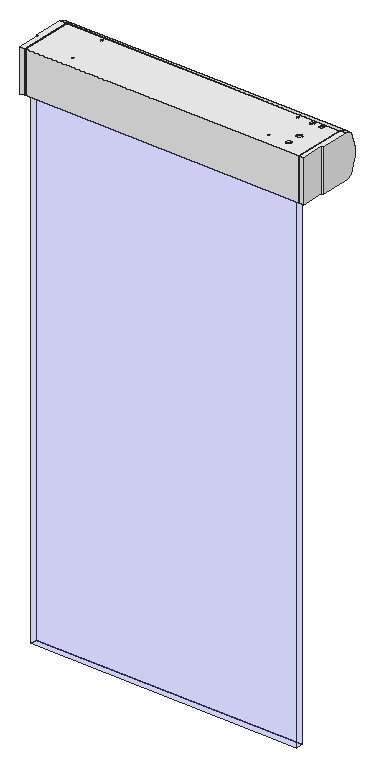
Revit family "Thermoscreens_AirCurtain_T1500NT", category Mechanical Equipment, Revit 2015
Parameters (values of type "T1500W NT")
  Weight(kg) = "40"
  WaterContent = "n/a"
  WarrantyStartDate(default) = "date of unit sale"
  WarrantyGuarantorParts = "2 years"
  WarrantyGuarantorLabour = "2 years"
  WarrantyDurationParts = "2years"
  WarrantyDurationLabour = "2 years"
  WarrantyDescription = "unit fully covered for 2 years"
  Version = "1.0"
  UsageCurrent = "1.5"
  UnitWidth = 233.4 mm
  UnitLength = 1669 mm
  Uniclass = "G52HVAC"
  URL = "http://www.thermoscreens.com/"
  Type Comments = "n/a"
  TubingLength = "n/a"
  ThermalMassHeatCapacity = "n/a"
  ThermalEfficiency = "n/a"
  TemperatureClassification = "n/a"
  TagNumberDefault = "n/a"
  SustainabilityPerformance = "n/a"
  Supply(50Hz) = "230V~1P&N"
  Status = "new"
  Size = "1137 x 198 x 275"
  Shape = "n/a"
  ServiceLifeType = "full cover for 2 years"
  ServiceLifeDuration = "full cover for 2 years"
  SerialNumber(default) = "n/a"
  RightHandAssembly = yes
  ReplacementCost = "n/a"
  ReferenceStandard = "n/a"
  Reference = "n/a"
  RatedVoltage = "230v1phase+N"
  RatedCurrent = "1.5"
  ProductionYear = "2015"
  Product URL = "http://www.thermoscreens.com/our-product-range/t-range"
  Process = "n/a"
  PowerFactor = "n/a"
  PlacementType = "n/a"
  PhaseReference = "L1 L2 L3+N+E"
  PhaseAngle = "n/a"
  OutputCapacity = "n/a"
  NumberOfSections = "n/a"
  NumberOfPoles = "n/a"
  NumberOfPanels = "n/a"
  NominalWidth = "198mm"
  NominalVoltage = "n/a"
  NominalLenght = "1669mm"
  NominalHeight = "275mm"
  NominalFrequencyRange = "n/a"
  NominalCurrent = "+5% of 230v"
  NBSTypeID = "n/a"
  NBSReference = "n/a"
  NBSNote = "n/a"
  NBSDecription = "AirCurtain"
  MountingHeight = "3m max"
  ModelReference = "T1500W NT"
  ModelLable = "n/a"
  Model = "T1500W NT"
  MinToMaxOffsetFromFloor = "up to 3meters"
  MethodOfMeasurement = "mm"
  Max.Velocity(m/s) = "7.8"
  Max.AirVolume(m3/h) = "1825"
  MaxOfSet = 115.5 mm
  Material = "20 gauge sheet steel"
  Manufacturer = "Thermoscreens LTD"
  ManufactureURL = "http://www.thermoscreens.com/"
  Loading(A)*PerPhase = "1.5"
  LifeCyclePhase = "n/a"
  Keynote = "n/a"
  IssueDate = "30/03/2015"
  InsulationStandardClass = "n/a"
  InsatallationDate = "n/a"
  IfcExportType = "n/a"
  IfcExportAS = "n/a"
  IP_Code = "IP21"
  Help = "http://www.thermoscreens.com/contact-us"
  HeatTransferMedium = "n/a"
  HeatTransferDimension = "n/a"
  HeatSource = "Electric heated elements or low pressure hot water coils"
  HeatOutput(kW) = "n/a"
  HasProtectiveEarth = "true"
  Grade = "n/a"
  Finish = "Corrision resistant pre-finished 20 gauge sheet steel"
  Filters(optional) = "PS media"
  Features = "n/a"
  Fans = "100mm forward curved metal bladed crossflow impellers"
  EnergySource = "n/a"
  ElectricalDeviceNominalPower = "n/a"
  Documentation = "n/a"
  DocumentReference = "n/a"
  Description = "Thermoscreens T range of air curtains will provide climate separation and available in standard widths of 1, 1.5 and 2m.  Models available are ambient (without heating), electrical or water heated versions. Water heated (LPHW) versions are available with 2 and 3 row coils. Motorised three port valves are supplied as standard with all LPHW models. Electrical and LPHW models are supplied complete with Ecopower control."
  Cost = 0
  Constituents = "n/a"
  colour = "As standered white but this can be changed to the ordered color."
  CodePerformance = "n/a"
  CenterY = UnitWidth / 2  # 116.7 mm
  CenterX = UnitLength / 2  # 834.5 mm
  BimObjectName = "Thermoscreens_AirCurtain_T1500WNT"
  BarCode(default) = "n/a"
  AssetIdentifier(default) = "n/a"
  Assembly Code = "n/a"
  AirFlowDirection = yes
  AirFlow = no
  AccessibilityPerformance = "n/a"
  **dB(A)@3mMed = "56"
  **dB(A)@3mLow = "55"
  **dB(A)@3mHigh = "57"
Types (4, lengths in mm): name | UsageCurrent | Supply(50Hz) | RatedVoltage | RatedCurrent | NominalCurrent | ModelReference | Model | Max.Velocity(m/s) | Max.AirVolume(m3/h) | Loading(A)*PerPhase | BimObjectName
  (no name) | "1.5" | "230V~1P&N" | "230v1phase+N" | "1.5" | "+5% of 230v" | "T1500W NT" | "T1500W NT" | "7.8" | "1825" | "1.5" | "Thermoscreens_AirCurtain_T1500WNT"
  T1500A NT | "1.5" | "230V~1P&N" | "230v1phase+N" | "1.5" | "+5% of 230v" | "T1500A NT" | "T1500A NT" | "8" | "1925" | "1.5" | "Thermoscreens_AirCurtain_T1500ANT"
  T1500W NT | "1.5" | "230V~1P&N" | "230v1phase+N" | "1.5" | "+5% of 230v" | "T1500W NT" | "T1500W NT" | "7.8" | "1825" | "1.5" | "Thermoscreens_AirCurtain_T1500WNT"
  T1500E NT | "18.9" | "400V~3P&N" | "400v3phase+N" | "18.9" | "+5% of 400v" | "T1500E NT" | "T1500E NT" | "8.0" | "1925" | "18.9" | "Thermoscreens_AirCurtain_T1500ENT"
Reference planes
  plane 1 "Center (Front/Back)": y = 0
  plane 2: z = 3000
  plane 3 "Center (Left/Right)": x = 0
Forms (mm)
  Extrusion 1, solid, material "Default"
    sketch origin (867.85, -116.7, 3018.975) x (-1, 0, 0) y (0, 0, -1)
      loop
        line (0, -255) -> (1669, -255) -> (1669, 0) -> (0, 0) -> (0, -255)
    from 0 to 0.9
  Extrusion 2, solid, material "Default"
    sketch origin (868.823, -116.7, 3273.975) x (-1, 0, 0) y (0, -1, 0)
      loop
        line (1669.973, 0.9) -> (0.973, 0.9) -> (0.973, -316.1) -> (1669.973, -316.1) -> (1669.973, 0.9)
    from 0 to -0.9
  Extrusion 3, solid, material "Default"
    sketch origin (867.85, -116.7, 3018.975) x (0, 0, 1) y (0, -1, 0)
      loop
        line (255, 0.9) -> (0, 0.9) -> (0, -316.1) -> (255, -316.1) -> (255, 0.9)
    from 0 to -0.9
  Extrusion 4, solid, material "Default"
    sketch origin (-801.15, -124.7, 3018.975) x (0, -1, 0) y (-1, 0, 0)
      loop
        line (-7.1, -1669) -> (-7.1, 0) -> (-324.1, 0) -> (-324.1, -1669) -> (-7.1, -1669)
    from 0 to -0.9
  Extrusion 5, solid, material "Default"
    sketch origin (-801.15, -185.6, 3018.975) x (0, 1, 0) y (0, 0, -1)
      loop
        line (68, 0) -> (68, -255) -> (385, -255) -> (385, 0) -> (68, 0)
    from 0 to -0.9
  Extrusion 6, solid, material "Default"
    sketch origin (-801.15, -125.6, 3018.975) x (0, 1, 0) y (0, 0, -1)
      loop
        line (325, -255) -> (357.675, -242.457)
        arc (357.675, -242.457) -> (385, -127.175) -> (357.675, -11.893) r 256.847
        line (357.675, -11.893) -> (325, 0) -> (325, -255)
    from 0 to -1669
  Extrusion 7, void
    sketch origin (-801.15, -124.7, 3018.975) x (0, -1, 0) y (1, 0, 0)
      loop
        line (-22.1, 25) -> (-22.1, 1649) -> (-62.1, 1649) -> (-62.1, 25) -> (-22.1, 25)
    from 0 to 5
  Extrusion 8, solid, material "Default Light Source"
    sketch origin (-801.15, -124.7, 3018.975) x (1, 0, 0) y (0, -1, 0)
      loop
        line (1649, -62.1) -> (1649, -22.1) -> (25, -22.1) -> (25, -62.1) -> (1649, -62.1)
    from 0 to 3000
  Extrusion 9, solid, material "Default"
    sketch origin (-801.15, -125.6, 3018.975) x (0, 1, 0) y (0, 0, -1)
      loop
        arc (357.675, -242.457) -> (385, -127.175) -> (357.675, -11.893) r 256.847
        line (357.675, -11.893) -> (325, 0) -> (8, 0) -> (8, -255) -> (325, -255) -> (357.675, -242.457)
    from 0 to 30
  Extrusion 10, solid, material "Default"
    sketch origin (-831.15, -125.6, 3018.975) x (0, 1, 0) y (0, 0, -1)
      loop
        line (325, -255) -> (357.675, -242.457)
        arc (357.675, -242.457) -> (385, -127.175) -> (357.675, -11.893) r 256.847
        line (357.675, -11.893) -> (325, 0) -> (138, 0) -> (138, -255) -> (325, -255)
    from 0 to 10
  Extrusion 11, void
    sketch origin (-831.15, 12.4, 3018.975) x (0, -1, 0) y (1, 0, 0)
      loop
        line (0, 0) -> (-10, -10) -> (0, -10) -> (0, 0)
    from 0 to 300
  Extrusion 12, solid, material "Default"
    sketch origin (867.85, 251.4, 3018.975) x (0, -1, 0) y (0, 0, -1)
      loop
        line (52, -255) -> (369, -255) -> (369, 0) -> (52, 0) -> (19.325, -11.893)
        arc (19.325, -11.893) -> (-8, -127.175) -> (19.325, -242.457) r 256.847
        line (19.325, -242.457) -> (52, -255)
    from 0 to 30
  Extrusion 13, solid, material "Default"
    sketch origin (897.85, 251.4, 3018.975) x (0, -1, 0) y (0, 0, -1)
      loop
        line (239, -255) -> (239, 0) -> (52, 0) -> (19.325, -11.893)
        arc (19.325, -11.893) -> (-8, -127.175) -> (19.325, -242.457) r 256.847
        line (19.325, -242.457) -> (52, -255) -> (239, -255)
    from 0 to 10
  Extrusion 14, void
    sketch origin (897.85, 199.4, 3018.975) x (0, 1, 0) y (-1, 0, 0)
      loop
        line (-187, -10) -> (-177, -10) -> (-187, 0) -> (-187, -10)
    from 0 to 300
  Extrusion 15, void
    sketch origin (868.823, -116.7, 3273.975) x (0, -1, 0) y (-1, 0, 0)
      loop
        circle (-288.1, 1435.473) r 5
      loop
        circle (-68.1, 1435.473) r 5
      loop
        circle (-68.1, 235.473) r 5
      loop
        circle (-288.1, 235.473) r 5
      loop
        circle (-149.1, 116.973) r 15
      loop
        circle (-69.1, 116.973) r 15
      loop
        circle (-284.1, 146.973) r 12.5
      loop
        circle (-284.1, 86.973) r 12.5
    from 0 to 0.9
Cuts and joins
  Extrusion 15 cuts Extrusion 1
  Extrusion 15 cuts Extrusion 2
  Extrusion 15 cuts Extrusion 3
  Extrusion 7, Extrusion 15 cuts Extrusion 4
  Extrusion 15 cuts Extrusion 5
  joined: Extrusion 1, Extrusion 2, Extrusion 3, Extrusion 4, Extrusion 5
  Extrusion 11 cuts Extrusion 10
  joined: Extrusion 9, Extrusion 10
  Extrusion 14 cuts Extrusion 13
  joined: Extrusion 12, Extrusion 13
Dimensions and locks
  aligned and locked: level to plane 2
  aligned and locked: Extrusion 13 sketch curve to Extrusion 12
Connectors
  electrical at (721.85, 167.4, 3273.975)
    settings: on cut or joined group of Extrusion 1, Extrusion 2, Extrusion 3, Extrusion 4, Extrusion 5, Extrusion 7, Extrusion 15, index 1, voltage 0 V, apparent load 0 VA, apparent load phase1 0 VA, apparent load phase2 0 VA, apparent load phase3 0 VA, power factor 1, load classification "Other", number of poles 1, system type 31, power factor state 1, is connector primary yes, connector utility no, sub classification motor no, connector description ""
  electrical at (781.85, 167.4, 3273.975)
    settings: on cut or joined group of Extrusion 1, Extrusion 2, Extrusion 3, Extrusion 4, Extrusion 5, Extrusion 7, Extrusion 15, index 2, voltage 0 V, apparent load 0 VA, apparent load phase1 0 VA, apparent load phase2 0 VA, apparent load phase3 0 VA, power factor 1, load classification "Other", number of poles 1, system type 31, power factor state 1, is connector primary no, connector utility no, sub classification motor no, connector description ""
  piping at (751.85, 32.4, 3273.975), diameter 30
    settings: on cut or joined group of Extrusion 1, Extrusion 2, Extrusion 3, Extrusion 4, Extrusion 5, Extrusion 7, Extrusion 15, index 3, connector inside diameter 609.6 mm, connector length 0 mm, flow factor 0, pipe flow 0.0 L/s, pressure drop 0.0 Pa, fitting loss kfactor 0, connector angle 0.00°, fixture units 0, engagement length 0 mm, angle of deflection 0.00°, flow configuration 0, flow direction 1, fitting loss method 4, system type 19, joint type 0, gender type 0, connector reference index -1, connector utility 0, adjustable connector no, is connector primary yes, connector description ""
  piping at (751.85, -47.6, 3273.075), diameter 30
    settings: on cut or joined group of Extrusion 1, Extrusion 2, Extrusion 3, Extrusion 4, Extrusion 5, Extrusion 7, Extrusion 15, index 4, connector inside diameter 609.6 mm, connector length 0 mm, flow factor 0, pipe flow 0.0 L/s, pressure drop 0.0 Pa, fitting loss kfactor 0, connector angle 0.00°, fixture units 0, engagement length 0 mm, angle of deflection 0.00°, flow configuration 0, flow direction 2, fitting loss method 4, system type 19, joint type 0, gender type 0, connector reference index -1, connector utility 0, adjustable connector no, is connector primary no, connector description ""
  piping at (633.35, -48.6, 3273.975), diameter 10
    settings: on cut or joined group of Extrusion 1, Extrusion 2, Extrusion 3, Extrusion 4, Extrusion 5, Extrusion 7, Extrusion 15, index 7, connector inside diameter 609.6 mm, connector length 0 mm, flow factor 0, pipe flow 0.0 L/s, pressure drop 0.0 Pa, fitting loss kfactor 0, connector angle 0.00°, fixture units 0, engagement length 0 mm, angle of deflection 0.00°, flow configuration 0, flow direction 0, fitting loss method 0, system type 28, joint type 0, gender type 0, connector reference index -1, connector utility 0, adjustable connector no, is connector primary no, connector description ""
  piping at (633.35, 171.4, 3273.075), diameter 10
    settings: on cut or joined group of Extrusion 1, Extrusion 2, Extrusion 3, Extrusion 4, Extrusion 5, Extrusion 7, Extrusion 15, index 8, connector inside diameter 609.6 mm, connector length 0 mm, flow factor 0, pipe flow 0.0 L/s, pressure drop 0.0 Pa, fitting loss kfactor 0, connector angle 0.00°, fixture units 0, engagement length 0 mm, angle of deflection 0.00°, flow configuration 0, flow direction 0, fitting loss method 0, system type 28, joint type 0, gender type 0, connector reference index -1, connector utility 0, adjustable connector no, is connector primary no, connector description ""
  piping at (-566.65, -48.6, 3273.975), diameter 10
    settings: on cut or joined group of Extrusion 1, Extrusion 2, Extrusion 3, Extrusion 4, Extrusion 5, Extrusion 7, Extrusion 15, index 9, connector inside diameter 609.6 mm, connector length 0 mm, flow factor 0, pipe flow 0.0 L/s, pressure drop 0.0 Pa, fitting loss kfactor 0, connector angle 0.00°, fixture units 0, engagement length 0 mm, angle of deflection 0.00°, flow configuration 0, flow direction 0, fitting loss method 0, system type 28, joint type 0, gender type 0, connector reference index -1, connector utility 0, adjustable connector no, is connector primary no, connector description ""
  piping at (-566.65, 171.4, 3273.975), diameter 10
    settings: on cut or joined group of Extrusion 1, Extrusion 2, Extrusion 3, Extrusion 4, Extrusion 5, Extrusion 7, Extrusion 15, index 10, connector inside diameter 609.6 mm, connector length 0 mm, flow factor 0, pipe flow 0.0 L/s, pressure drop 0.0 Pa, fitting loss kfactor 0, connector angle 0.00°, fixture units 0, engagement length 0 mm, angle of deflection 0.00°, flow configuration 0, flow direction 0, fitting loss method 0, system type 28, joint type 0, gender type 0, connector reference index -1, connector utility 0, adjustable connector no, is connector primary no, connector description ""
